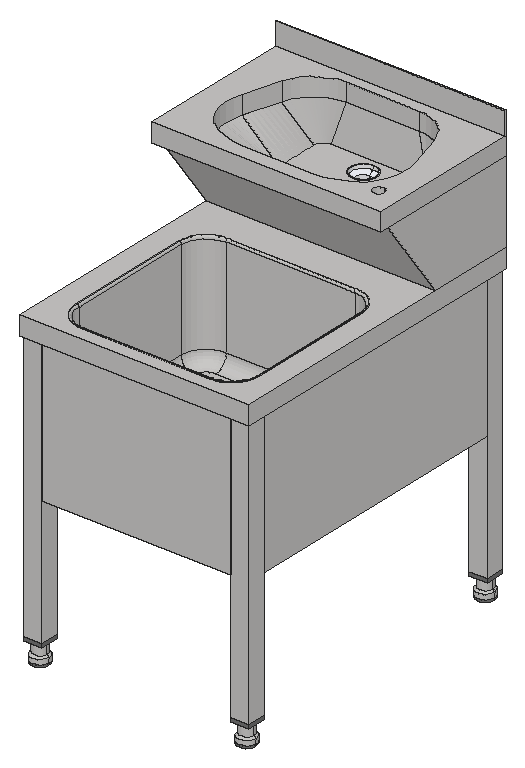
Revit family "QF_ELECTROLUXPROFESSIONAL_132951_NLPD", category Attrezzature speciali, Revit 2020
Family settings
  Quota connettore circolare = Usa diametro
  Tipo di parte = Normale
  Basato su piano di lavoro = No
  Sempre verticale = Sì
  Taglio con vuoti quando caricato = No
  Condiviso = No
  Punto di calcolo locali = No
Parameters (values of type "Standard")
  Weight = 50.00 kg
  Watts = 0 W
  Volts = 0 V
  URL Manufacturer = "https://www.electroluxprofessional.com/"
  URL = "https://www.electroluxprofessional.com/"
  Steam Supply Size = 0 mm
  Steam Supply Minimum Pressure = 0.0 Pa
  Steam Supply Maximum Pressure = 0.0 Pa
  Steam Consumption per Hour = 0
  Refrigeration Suction Line Size = 0.0 mm
  Refrigeration Liquid Line Size = 0.0 mm
  Refrigerant Compressor Remote = yes
  Prospetto di default = 0.0 mm
  Phase = 0
  Modello = "NLPD"
  Produttore = "Electrolux Professional"
  Length Actual = 500.0 mm  # constant formula
  Item Number = "132951"
  Hot Water Size = 12.7 mm
  Height Actual = 950.0 mm  # constant formula
  HP = "0 HP"
  Gas Size = 0 mm
  Gas KW = 0
  Gas Input Pressure = 0 W
  Direct Waste Size = 139.7 mm
  Descrizione = "FREE-STAND.HAND WASH SINK+1 UPPER BOWL WITH MIXER SPOUT-DRAIN HOLE AND 1 LOWER BOWL+MIXER SPOUT,DRAIN HOLE,SUPPORT GRID"
  Depth Actual = 700.0 mm  # constant formula
  Cycle = 0 Hz
  Condensate Return Size = 0 mm
  Compressed Air Volume = 0.0 L/s
  Compressed Air Size = 0 mm
  Compressed Air Pressure = 0.0 Pa
  Cold Water Size = 12.7 mm
  Accessory = yes
Reference planes
  plane 1 "Center (Front/Back)": y = 0
  plane 2: z = 0
  plane 3 "Center (Left/Right)": x = 150
  plane 4 "LEFT": x = -100
  plane 5 "RIGHT": x = 400
  plane 6 "BACK": y = 350
  plane 7 "FRONT": y = -350
  plane 8 "PlaneVascaSup": z = 860
  plane 9 "TOP": z = 900
  plane 10: x = -76
  plane 11: x = 376
  plane 12: y = 326
  plane 13: y = -326
  plane 14 "RIPIANO": z = 200
  plane 15 "PlaneVascaInf": z = 680
  plane 16: z = 640
  plane 17: z = 950
  plane 18: y = 275
  plane 19: z = 774
  plane 20: y = 65
  plane 21: x = 352
  plane 22: y = 10
Forms (mm)
  Extrusion 1, solid, material "QF_Finishes_Stainless Steel"
    sketch origin (0, 0, 680) x (0, 1, 0) y (-1, 0, 0)
      loop
        line (306, 96) -> (-306, 96) -> (-306, 81) -> (306, 81) -> (306, 96)
      loop
        line (-346, 56) -> (-346, -356) -> (-331, -356) -> (-331, 56) -> (-346, 56)
      loop
        line (306, -396) -> (306, -381) -> (-306, -381) -> (-306, -396) -> (306, -396)
    from -40 to -350
  Extrusion 2, solid, material "QF_Finishes_Stainless Steel"
    sketch origin (0, 0, 680) x (0, 1, 0) y (-1, 0, 0)
      loop
        line (350, 100) -> (-350, 100) -> (-350, -400) -> (350, -400) -> (350, 100)
      loop
        line (-320, -10) -> (-320, -290)
        arc (-320, -290) -> (-302.426, -332.426) -> (-260, -350) r 60
        line (-260, -350) -> (20, -350)
        arc (20, -350) -> (62.426, -332.426) -> (80, -290) r 60
        line (80, -290) -> (80, -10)
        arc (80, -10) -> (62.426, 32.426) -> (20, 50) r 60
        line (20, 50) -> (-260, 50)
        arc (-260, 50) -> (-302.426, 32.426) -> (-320, -10) r 60
    from 0 to -40
  Extrusion 3, solid, material "QF_Finishes_Stainless Steel"
    sketch origin (150, 0, 0) x (0, 1, 0) y (0, 0, 1)
      loop
        line (350, 680) -> (350, 860) -> (29.222, 860) -> (160, 680) -> (350, 680)
    from -250 to -245
  Blend 4, void
    base sketch origin (0, 0, 860) x (0, 1, 0) y (-1, 0, 0)
      loop
        line (326, -229.648) -> (326, -70.352)
        arc (326, -70.352) -> (307.877, -16.189) -> (260.807, 16.161) r 90
        line (260.807, 16.161) -> (180.182, 39.28)
        arc (180.182, 39.28) -> (123.845, 42.636) -> (73.909, 16.341) r 105
        arc (73.909, 16.341) -> (49.478, -26.456) -> (41, -75) r 143.215
        line (41, -75) -> (41, -225)
        arc (41, -225) -> (49.478, -273.544) -> (73.909, -316.341) r 143.215
        arc (73.909, -316.341) -> (123.845, -342.636) -> (180.182, -339.28) r 105
        line (180.182, -339.28) -> (260.807, -316.161)
        arc (260.807, -316.161) -> (307.877, -283.811) -> (326, -229.648) r 90
    top sketch origin (0, 0, 860) x (0, 1, 0) y (-1, 0, 0)
      loop
        arc (316, -45) -> (310.142, -30.858) -> (296, -25) r 20
        line (296, -25) -> (201, -25)
        arc (201, -25) -> (193.929, -27.929) -> (191, -35) r 10
        line (191, -35) -> (191, -123.121) -> (191, -176.879) -> (191, -265)
        arc (191, -265) -> (193.929, -272.071) -> (201, -275) r 10
        line (201, -275) -> (296, -275)
        arc (296, -275) -> (310.142, -269.142) -> (316, -255) r 20
        line (316, -255) -> (316, -45)
    from 0 to -86
  Extrusion 5, void
    sketch origin (0, 0, 680) x (0, 1, 0) y (-1, 0, 0)
      loop
        circle (275, -150) r 28
    from -42.17 to 94
  Revolve 6, solid, material "QF_Finishes_White"
    sketch origin (150, 146, 125) x (0, 1, 0) y (0, 0, 1)
      loop
        line (145.5, 633.617) -> (157.058, 640.84) -> (157.058, 649) -> (155.558, 649) -> (155.558, 641.671) -> (144, 634.449) -> (144, 619.5) -> (145.5, 619.5) -> (145.5, 633.617)
      axis (129, 649) -> (129, 619.5)
    angle from 0 to 360
  Extrusion 7, void
    sketch origin (0, 0, 860) x (0, 1, 0) y (-1, 0, 0)
      loop
        circle (65, -352) r 12.7
    from 0 to 40
  Extrusion 8, solid, material "QF_Finishes_Stainless Steel"
    sketch origin (0, 0, 860) x (0, 1, 0) y (-1, 0, 0)
      loop
        line (350, 100) -> (10, 100) -> (10, -400) -> (350, -400) -> (350, 100)
    from 0 to 40
  Extrusion 9, void
    sketch origin (0, 0, 860) x (0, 1, 0) y (-1, 0, 0)
      loop
        arc (180.182, 39.28) -> (123.845, 42.636) -> (73.909, 16.341) r 105
        arc (73.909, 16.341) -> (49.478, -26.456) -> (41, -75) r 143.215
        line (41, -75) -> (41, -225)
        arc (41, -225) -> (49.478, -273.544) -> (73.909, -316.341) r 143.215
        arc (73.909, -316.341) -> (123.845, -342.636) -> (180.182, -339.28) r 105
        line (180.182, -339.28) -> (260.807, -316.161)
        arc (260.807, -316.161) -> (307.877, -283.811) -> (326, -229.648) r 90
        line (326, -229.648) -> (326, -70.352)
        arc (326, -70.352) -> (307.877, -16.189) -> (260.807, 16.161) r 90
        line (260.807, 16.161) -> (180.182, 39.28)
    from 0 to 40
  Extrusion 10, solid, material "QF_Finishes_Stainless Steel"
    sketch origin (150, 0, 0) x (0, 1, 0) y (0, 0, 1)
      loop
        line (350, 950) -> (348, 950) -> (348, 900) -> (350, 900) -> (350, 950)
    from -250 to 250
  Extrusion 11, solid, material "QF_Finishes_Stainless Steel"
    sketch origin (0, 0, 860) x (0, 1, 0) y (-1, 0, 0)
      loop
        circle (65, -339.3) r 10
      loop
        circle (65, -364.7) r 10
      loop
        circle (65, -364.7) r 8
      loop
        circle (65, -339.3) r 8
    from -5.915 to -9.268
  Extrusion 12, solid, material "QF_Finishes_Stainless Steel"
    sketch origin (150, 0, 0) x (0, 1, 0) y (0, 0, 1)
      loop
        line (166.18, 680) -> (35.403, 860) -> (29.222, 860) -> (160, 680) -> (166.18, 680)
    from -250 to 245
  Extrusion 13, solid, material "QF_Finishes_Stainless Steel"
    sketch origin (150, 0, 0) x (0, 1, 0) y (0, 0, 1)
      loop
        line (350, 680) -> (350, 860) -> (29.222, 860) -> (160, 680) -> (350, 680)
    from 240 to 250
  Extrusion 14, solid, material "QF_Finishes_Stainless Steel"
    sketch origin (150, 0, 0) x (0, 1, 0) y (0, 0, 1)
      loop
        line (326, 860) -> (35.403, 860) -> (183.531, 772.505) -> (326, 772.505) -> (326, 860)
    from -195 to 195
  Extrusion 15, void
    sketch origin (0, 0, 860) x (0, 1, 0) y (-1, 0, 0)
      loop
        circle (275, -150) r 28.058
    from -100.551 to -69.963
Cuts and joins
  Extrusion 5, Extrusion 7 cuts Extrusion 2
  Extrusion 7, Extrusion 9 cuts Extrusion 8
  Blend 4, Extrusion 5, Extrusion 7 cuts Extrusion 3
  joined: Extrusion 3, Extrusion 12, Extrusion 13
  Blend 4, Extrusion 15 cuts Extrusion 14
Lines and regions (mm)
  symbolic lines, style "SpecialityEquipmentHiddenLines", detail levels coarse
    curve 1: line (-100, 350, 200) -> (400, 350, 200)
    curve 2: line (-100, -350, 200) -> (-100, 350, 200)
    curve 3: line (400, -350, 200) -> (-100, -350, 200)
    curve 4: line (400, 350, 200) -> (400, -350, 200)
Dimensions and locks
  plane 4 "LEFT" to plane 5 "RIGHT" = 500.0 mm
  equal spacing: plane 4 "LEFT", plane 3 "Center (Left/Right)", plane 5 "RIGHT"
  locked: plane 8 "PlaneVascaSup" to level at 860
  plane 4 "LEFT" to plane 10 = 24.0 mm
  plane 11 to plane 5 "RIGHT" = 24.0 mm
  plane 9 "TOP" to level = 900.0 mm
  plane 6 "BACK" to plane 12 = 24.0 mm
  plane 13 to plane 7 "FRONT" = 24.0 mm
  plane 6 "BACK" to plane 7 "FRONT" = 700.0 mm
  plane 12 to plane 13 = 652.0 mm
  equal spacing: plane 6 "BACK", plane 1 "Center (Front/Back)", plane 7 "FRONT"
  plane 14 "RIPIANO" to level = 200.0 mm
  plane 2 to plane 14 "RIPIANO" to plane 8 "PlaneVascaSup" = 200.0 mm, 660.0 mm
  locked: plane 15 "PlaneVascaInf" to level at 680
  locked: plane 15 "PlaneVascaInf" to plane 16 at 40
  plane 6 "BACK" to plane 18 = 75.0 mm
  plane 9 "TOP" to plane 19 = 126.0 mm
  plane 6 "BACK" to plane 20 = 285.0 mm
  plane 21 to plane 5 "RIGHT" = 48.0 mm
  plane 6 "BACK" to plane 22 = 340.0 mm
  locked: plane 17 to level at 950
  plane 17 to plane 9 "TOP" = 50.0 mm
  aligned and locked: level to plane 2
  aligned and locked: plane 10 to nested 1
  aligned and locked: nested 1 to plane 13
  aligned and locked: plane 11 to nested 2
  aligned and locked: nested 2 to plane 13
  aligned and locked: plane 11 to nested 4
  aligned and locked: nested 4 to plane 12
  aligned and locked: plane 10 to nested 3
  aligned and locked: nested 3 to plane 12
Automatic sketch dimensions
  plane 7 "FRONT" to Extrusion 1 sketch curve = 4.0 mm
  Extrusion 1 sketch curve to plane 13 = 5.0 mm
  Extrusion 1 sketch curve to plane 5 "RIGHT" = 4.0 mm
  plane 13 to Extrusion 1 sketch curve = 20.0 mm  (x2)
  plane 4 "LEFT" to Extrusion 1 sketch curve = 4.0 mm
  Extrusion 1 sketch curve to plane 10 = 5.0 mm
  Extrusion 1 sketch curve to plane 12 = 20.0 mm  (x2)
  plane 11 to Extrusion 1 sketch curve = 5.0 mm
  Extrusion 1 sketch curve to plane 21 = 4.0 mm
  plane 10 to Extrusion 1 sketch curve = 20.0 mm
  curve 3 to plane 4 "LEFT" = 0.0 mm
  curve 3 to plane 7 "FRONT" = 0.0 mm
  curve 2 to plane 6 "BACK" = 0.0 mm
  curve 1 to plane 5 "RIGHT" = 0.0 mm
  Extrusion 2 sketch curve to plane 5 "RIGHT" = 0.0 mm
  Extrusion 2 sketch curve to plane 7 "FRONT" = 0.0 mm
  Extrusion 2 sketch curve to plane 6 "BACK" = 0.0 mm
  Extrusion 2 sketch curve to plane 4 "LEFT" = 0.0 mm
  plane 13 to Extrusion 2 sketch curve = 6.0 mm
  Extrusion 2 sketch curve to Extrusion 2 sketch curve = 60.0 mm
  plane 21 to Extrusion 2 sketch curve = 2.0 mm
  plane 13 to Extrusion 2 sketch curve = 66.0 mm
  plane 22 to Extrusion 2 sketch curve = 10.0 mm  (x2)
  plane 20 to Extrusion 2 sketch curve = 15.0 mm
  plane 10 to Extrusion 2 sketch curve = 86.0 mm
  Extrusion 3 sketch curve to plane 8 "PlaneVascaSup" = 0.0 mm
  Extrusion 3 sketch curve to plane 15 "PlaneVascaInf" = 0.0 mm
  Extrusion 3 sketch curve to plane 6 "BACK" = 0.0 mm
  plane 20 to Extrusion 3 sketch curve = 95.0 mm
  plane 22 to Extrusion 3 sketch curve = 19.222 mm
  Blend 4 sketch curve to plane 12 = 0.0 mm
  plane 18 to Blend 4 sketch curve = 14.193 mm  (x2)
  plane 18 to Blend 4 sketch curve = 39.0 mm  (x2)
  Blend 4 sketch curve to Blend 4 sketch curve = 51.785 mm  (x2)
  plane 21 to Blend 4 sketch curve = 12.72 mm
  Blend 4 sketch curve to Blend 4 sketch curve = 80.625 mm  (x2)
  plane 10 to Blend 4 sketch curve = 36.72 mm
  Blend 4 sketch curve to Blend 4 sketch curve = 38.215 mm  (x2)
  Blend 4 sketch curve to plane 20 = 24.0 mm
  plane 21 to Blend 4 sketch curve = 35.839 mm
  plane 3 "Center (Left/Right)" to Blend 4 sketch curve = 90.0 mm
  plane 3 "Center (Left/Right)" to Blend 4 sketch curve = 75.0 mm
  Blend 4 sketch curve to plane 3 "Center (Left/Right)" = 75.0 mm
  Blend 4 sketch curve to plane 3 "Center (Left/Right)" = 79.648 mm
  Blend 4 sketch curve to Blend 4 sketch curve = 15.0 mm
  plane 3 "Center (Left/Right)" to Blend 4 sketch curve = 26.879 mm
  plane 18 to Blend 4 sketch curve = 84.0 mm
  Blend 4 sketch curve to Blend 4 sketch curve = 10.0 mm  (x2)
  Blend 4 sketch curve to plane 18 = 21.0 mm  (x2)
  Blend 4 sketch curve to plane 12 = 10.0 mm
  plane 21 to Blend 4 sketch curve = 97.0 mm
  Blend 4 sketch curve to plane 3 "Center (Left/Right)" = 26.879 mm
  Blend 4 sketch curve to plane 3 "Center (Left/Right)" = 105.0 mm
  Extrusion 5 sketch curve to plane 3 "Center (Left/Right)" = 0.0 mm
  plane 18 to Extrusion 5 sketch curve = 0.0 mm
  Revolve 6 sketch curve to plane 18 = 0.0 mm
  plane 19 to Revolve 6 sketch curve = 0.0 mm
  Revolve 6 sketch curve to plane 18 = 15.0 mm
  Revolve 6 sketch curve to Revolve 6 sketch curve = 1.5 mm  (x2)
  Revolve 6 sketch curve to Revolve 6 sketch curve = 10.058 mm
  Revolve 6 sketch curve to Revolve 6 sketch curve = 7.329 mm
  Revolve 6 sketch curve to Revolve 6 sketch curve = 0.831 mm  (x2)
  Revolve 6 sketch curve to Revolve 6 sketch curve = 7.222 mm
  Revolve 6 sketch curve to Revolve 6 sketch curve = 14.117 mm
  Revolve 6 sketch curve to Revolve 6 sketch curve = 22.0 mm
  plane 8 "PlaneVascaSup" to Revolve 6 sketch curve = 2.5 mm
  Extrusion 7 sketch curve to plane 20 = 0.0 mm
  Extrusion 7 sketch curve to plane 21 = 0.0 mm
  Extrusion 8 sketch curve to plane 4 "LEFT" = 0.0 mm
  Extrusion 8 sketch curve to plane 22 = 0.0 mm
  Extrusion 8 sketch curve to plane 6 "BACK" = 0.0 mm
  Extrusion 8 sketch curve to plane 5 "RIGHT" = 0.0 mm
  Extrusion 9 sketch curve to plane 12 = 0.0 mm
  plane 18 to Extrusion 9 sketch curve = 14.193 mm  (x2)
  plane 18 to Extrusion 9 sketch curve = 39.0 mm  (x2)
  Extrusion 9 sketch curve to Extrusion 9 sketch curve = 51.785 mm  (x2)
  plane 10 to Extrusion 9 sketch curve = 36.72 mm
  Extrusion 9 sketch curve to Extrusion 9 sketch curve = 80.625 mm  (x2)
  plane 21 to Extrusion 9 sketch curve = 12.72 mm
  Extrusion 9 sketch curve to Extrusion 9 sketch curve = 38.215 mm  (x2)
  Extrusion 9 sketch curve to plane 20 = 24.0 mm
  plane 21 to Extrusion 9 sketch curve = 35.839 mm
  plane 3 "Center (Left/Right)" to Extrusion 9 sketch curve = 90.0 mm
  Extrusion 9 sketch curve to Extrusion 9 sketch curve = 15.0 mm  (x2)
  Extrusion 9 sketch curve to plane 3 "Center (Left/Right)" = 75.0 mm
  Extrusion 9 sketch curve to Extrusion 9 sketch curve = 4.648 mm
  Extrusion 10 sketch curve to plane 17 = 0.0 mm
  Extrusion 10 sketch curve to plane 9 "TOP" = 0.0 mm
  Extrusion 10 sketch curve to plane 6 "BACK" = 0.0 mm
  Extrusion 10 sketch curve to plane 6 "BACK" = 2.0 mm
  Extrusion 11 sketch curve to plane 20 = 0.0 mm  (x2)
  Extrusion 11 sketch curve to plane 11 = 11.3 mm
  plane 21 to Extrusion 11 sketch curve = 12.7 mm
  plane 20 to Extrusion 12 sketch curve = 95.0 mm
  plane 22 to Extrusion 12 sketch curve = 19.222 mm
  Extrusion 13 sketch curve to plane 8 "PlaneVascaSup" = 0.0 mm
  Extrusion 13 sketch curve to plane 15 "PlaneVascaInf" = 0.0 mm
  Extrusion 13 sketch curve to plane 6 "BACK" = 0.0 mm
  plane 20 to Extrusion 13 sketch curve = 95.0 mm
  plane 22 to Extrusion 13 sketch curve = 19.222 mm
  plane 8 "PlaneVascaSup" to Extrusion 12 sketch curve = 0.0 mm
  plane 15 "PlaneVascaInf" to Extrusion 12 sketch curve = 0.0 mm
  Extrusion 12 sketch curve to Extrusion 12 sketch curve = 6.18 mm  (x2)
  Extrusion 14 sketch curve to plane 8 "PlaneVascaSup" = 0.0 mm
  plane 19 to Extrusion 14 sketch curve = 1.495 mm
  Extrusion 14 sketch curve to plane 12 = 0.0 mm
  plane 18 to Extrusion 14 sketch curve = 91.469 mm
  plane 22 to Extrusion 14 sketch curve = 25.403 mm
  Extrusion 15 sketch curve to plane 3 "Center (Left/Right)" = 0.0 mm
  plane 18 to Extrusion 15 sketch curve = 0.0 mm
  Extrusion 11 sketch curve to Extrusion 11 sketch curve = 0.0 mm  (x4)
  radius of Extrusion 5 sketch curve = 28.0 mm
  radius of Extrusion 7 sketch curve = 12.7 mm
  radius of Extrusion 11 sketch curve = 10.0 mm  (x2)
  radius of Extrusion 15 sketch curve = 28.058 mm
  radius of Extrusion 11 sketch curve = 8.0 mm  (x2)
Nested families
  nested 1: "FEET_40x40_H640" at (-76, -326, 0), type "FEET_40x40_H640"
  nested 2: "FEET_40x40_H640" at (376, -326, 0), type "FEET_40x40_H640"
  nested 3: "FEET_40x40_H640" at (-76, 326, 0), type "FEET_40x40_H640"
  nested 4: "FEET_40x40_H640" at (376, 326, 0), type "FEET_40x40_H640"
  nested 5: "SINK_Vasca40x40_H251" at (150, -120, -220), type "SINK_Vasca40x40_H251"
Connectors
  piping at (364.7, 65, 850.732), diameter 12.7, driven by "Cold Water Size"
    settings: on Extrusion 11, index 1, connector inside diameter 609.6 mm, connector length 0.0 mm, flow factor 0, pipe flow 0.0 L/s, pressure drop 0.0 Pa, fitting loss kfactor 0, connector angle 0.00°, fixture units 0, engagement length 0.0 mm, angle of deflection 0.00°, flow configuration 1, flow direction 1, fitting loss method 0, system type 20, joint type 0, gender type 0, connector reference index -1, connector utility 0, adjustable connector no, is connector primary yes, connector description "Cold Water Inlet"
  piping at (339.3, 65, 850.732), diameter 12.7, driven by "Hot Water Size"
    settings: on Extrusion 11, index 2, connector inside diameter 609.6 mm, connector length 0.0 mm, flow factor 0, pipe flow 0.0 L/s, pressure drop 0.0 Pa, fitting loss kfactor 0, connector angle 0.00°, fixture units 0, engagement length 0.0 mm, angle of deflection 0.00°, flow configuration 1, flow direction 1, fitting loss method 0, system type 19, joint type 0, gender type 0, connector reference index -1, connector utility 0, adjustable connector no, is connector primary no, connector description "Hot Water Inlet"
  piping at (270, 0.058, 401), diameter 139.7, driven by "Direct Waste Size"
    settings: on nested 5, index 3, connector inside diameter 609.6 mm, connector length 0.0 mm, flow factor 0, pipe flow 0.0 L/s, pressure drop 0.0 Pa, fitting loss kfactor 0, connector angle 0.00°, fixture units 0, engagement length 0.0 mm, angle of deflection 0.00°, flow configuration 1, flow direction 2, fitting loss method 0, system type 16, joint type 0, gender type 0, connector reference index -1, connector utility 0, adjustable connector no, is connector primary no, connector description "Drain"
Definition of nested family "FEET_40x40_H640"
  Parameters
    Default Elevation = 0.0 mm
    FEET = 640.0 mm
  Reference planes
    plane 1 "Center (Front/Back)": y = 0
    plane 2: z = 0
    plane 3 "Center (Left/Right)": x = 0
    plane 4: z = 640
  Forms (mm)
    Extrusion 1, solid
      sketch origin (0, 0, 0) x (1, 0, 0) y (0, 1, 0)
        loop
          line (-20, -20) -> (20, -20) -> (20, 20) -> (-20, 20) -> (-20, -20)
      from 50 to 640
    Extrusion 2, solid
      sketch origin (0, 0, 0) x (1, 0, 0) y (0, 1, 0)
        loop
          circle (0, 0) r 20
      from 0 to 5
    Extrusion 3, solid
      sketch origin (0, 0, 0) x (1, 0, 0) y (0, 1, 0)
        loop
          line (-20, -20) -> (20, -20) -> (20, 20) -> (-20, 20) -> (-20, -20)
      from 50 to 42
    Revolve 4, solid
      sketch origin (0, 0, 0) x (1, 0, 0) y (0, 0, 1)
        loop
          line (0, 42) -> (-15, 42) -> (-15, 20) -> (-20, 15) -> (-20, 5) -> (0, 5) -> (0, 42)
        axis (0, 42) -> (0, 5)
      angle from 0 to 360
  Lines and regions (mm)
    symbolic lines
      curve 1: line (0, -1.503, 0) -> (0, 1.508, 0)
      curve 2: line (1.561, 0, 0) -> (-1.439, 0, 0)
  Dimensions and locks
    "FEET": plane 4 to plane 2
    aligned and locked: level to plane 2
  Automatic sketch dimensions
    plane 1 "Center (Front/Back)" to curve 2 = 0.0 mm
    curve 1 to plane 3 "Center (Left/Right)" = 0.0 mm
    curve 2 to plane 3 "Center (Left/Right)" = 1.439 mm
    plane 3 "Center (Left/Right)" to curve 2 = 1.561 mm
    plane 1 "Center (Front/Back)" to curve 1 = 1.503 mm
    curve 1 to plane 1 "Center (Front/Back)" = 1.508 mm
    Extrusion 1 sketch curve to plane 3 "Center (Left/Right)" = 20.0 mm
    plane 3 "Center (Left/Right)" to Extrusion 1 sketch curve = 20.0 mm
    plane 1 "Center (Front/Back)" to Extrusion 1 sketch curve = 20.0 mm
    Extrusion 1 sketch curve to plane 1 "Center (Front/Back)" = 20.0 mm
    plane 1 "Center (Front/Back)" to Extrusion 2 sketch curve = 0.0 mm
    Extrusion 2 sketch curve to plane 3 "Center (Left/Right)" = 0.0 mm
    Extrusion 3 sketch curve to plane 3 "Center (Left/Right)" = 20.0 mm
    plane 3 "Center (Left/Right)" to Extrusion 3 sketch curve = 20.0 mm
    plane 1 "Center (Front/Back)" to Extrusion 3 sketch curve = 20.0 mm
    Extrusion 3 sketch curve to plane 1 "Center (Front/Back)" = 20.0 mm
    Revolve 4 sketch curve to plane 3 "Center (Left/Right)" = 0.0 mm  (x2)
    Revolve 4 sketch curve to plane 3 "Center (Left/Right)" = 15.0 mm
    Revolve 4 sketch curve to Revolve 4 sketch curve = 5.0 mm  (x3)
    level to Revolve 4 sketch curve = 5.0 mm
    Revolve 4 sketch curve to Revolve 4 sketch curve = 10.0 mm
    Revolve 4 sketch curve to Revolve 4 sketch curve = 22.0 mm
    Revolve 4 sketch curve to level = 9.561 mm
    radius of Extrusion 2 sketch curve = 20.0 mm
Definition of nested family "SINK_Vasca40x40_H251"
  Parameters
    Width = 400.0 mm
    ScaricoY = 80.0 mm
    ScaricoX = 80.0 mm
    Default Elevation = 0.0 mm
    Height_Top = 900.0 mm
    FEET = 850.0 mm
    Depth = 400.0 mm
  Reference planes
    plane 1 "Center (Front/Back)": y = 0
    plane 2: z = 0
    plane 3 "Center (Left/Right)": x = 0
    plane 4 "Top": z = 900
    plane 5 "Left": x = -200
    plane 6 "Right": x = 200
    plane 7 "Back": y = 200
    plane 8 "Front": y = -200
    plane 9 "BaseVasca": z = 649
    plane 10: x = 120
    plane 11: y = 120.182
  Forms (mm)
    Extrusion 1, void
      sketch origin (0, 0, 900) x (-1, 0, 0) y (0, -1, 0)
        loop
          circle (-120, -120) r 28
      from -173.82 to -354.391
    Sweep 2, solid
      path origin (0, 0, 900) x (-1, 0, 0) y (0, -1, 0)
        loop
          line (-200, 140) -> (-200, -140)
          arc (-200, -140) -> (-182.426, -182.426) -> (-140, -200) r 60
          line (-140, -200) -> (140, -200)
          arc (140, -200) -> (182.426, -182.426) -> (200, -140) r 60
          line (200, -140) -> (200, 140)
          arc (200, 140) -> (182.426, 182.426) -> (140, 200) r 60
          line (140, 200) -> (-140, 200)
          arc (-140, 200) -> (-182.426, 182.426) -> (-200, 140) r 60
      profile origin (200, 0, 900) x (-1, 0, 0) y (0, 0, 1)
        loop
          arc (5, -5) -> (3.536, -1.464) -> (0, 0) r 5
          line (0, 0) -> (0, -1.5)
          arc (0, -1.5) -> (2.475, -2.525) -> (3.5, -5) r 3.5
          line (3.5, -5) -> (3.5, -221)
          arc (3.5, -221) -> (12.726, -243.274) -> (35, -252.5) r 31.5
          line (35, -252.5) -> (35, -251)
          arc (35, -251) -> (13.787, -242.213) -> (5, -221) r 30
          line (5, -221) -> (5, -5)
    Revolve 3, solid
      sketch origin (120, -8.942, 1.5) x (0, 1, 0) y (0, 0, 1)
        loop
          line (145.5, 633.617) -> (157.058, 640.84) -> (157.058, 649) -> (155.558, 649) -> (155.558, 641.671) -> (144, 634.449) -> (144, 619.5) -> (145.5, 619.5) -> (145.5, 633.617)
        axis (129, 649) -> (129, 619.5)
      angle from 0 to 360
    Extrusion 4, solid
      sketch origin (0, 0, 649) x (0, -1, 0) y (1, 0, 0)
        loop
          arc (140, -165) -> (157.678, -157.678) -> (165, -140) r 25
          line (165, -140) -> (165, 140)
          arc (165, 140) -> (157.678, 157.678) -> (140, 165) r 25
          line (140, 165) -> (-140, 165)
          arc (-140, 165) -> (-157.678, 157.678) -> (-165, 140) r 25
          line (-165, 140) -> (-165, -140)
          arc (-165, -140) -> (-157.678, -157.678) -> (-140, -165) r 25
          line (-140, -165) -> (140, -165)
      from 0 to 1.5
  Cuts and joins
    Extrusion 1 cuts Extrusion 4
  Lines and regions (mm)
    symbolic lines
      curve 1: line (-110.913, 165, 0) -> (111, 165, 0)
      curve 2: line (165, 111, 0) -> (165, -111.409, 0)
      curve 3: line (111.409, -165, 0) -> (-111.077, -165, 0)
      curve 4: line (-165, -111.077, 0) -> (-165, 110.992, 0)
      curve 5: circle (120, 120.058, 0) r 28 normal (0, 0, 1)
      curve 6: circle (120, 120.058, 0) r 16.5 normal (0, 0, -1)
      curve 7: arc (-140, 200, 0) -> (-182.426, 182.426, 0) -> (-200, 140, 0) r 60
      curve 8: arc (200, 140, 0) -> (182.426, 182.426, 0) -> (140, 200, 0) r 60
      curve 9: arc (140, -200, 0) -> (182.426, -182.426, 0) -> (200, -140, 0) r 60
      curve 10: arc (-200, -140, 0) -> (-182.426, -182.426, 0) -> (-140, -200, 0) r 60
      curve 11: line (-200, -140, 0) -> (-200, 140, 0)
      curve 12: line (-140, 200, 0) -> (140, 200, 0)
      curve 13: line (200, 140, 0) -> (200, -140, 0)
  Dimensions and locks
    equal spacing: plane 5 "Left", plane 3 "Center (Left/Right)", plane 6 "Right"
    "Width": plane 5 "Left" to plane 6 "Right"
    equal spacing: plane 7 "Back", plane 1 "Center (Front/Back)", plane 8 "Front"
    "Depth": plane 7 "Back" to plane 8 "Front"
    "Height_Top": plane 4 "Top" to level
    plane 9 "BaseVasca" to level = 649.0 mm
    plane 4 "Top" to plane 9 "BaseVasca" = 251.0 mm
    aligned and locked: level to plane 2
  Automatic sketch dimensions
    Sweep 2 sketch curve to Sweep 2 sketch curve = 0.0 mm  (x4)
    Sweep 2 sketch curve to profile plane = 0.0 mm
    Sweep 2 sketch curve to profile plane = 3.5 mm
    Sweep 2 sketch curve to Sweep 2 sketch curve = 1.5 mm
    Sweep 2 sketch curve to Sweep 2 sketch curve = 30.0 mm
    Sweep 2 sketch curve to profile plane = 252.5 mm
    Sweep 2 sketch curve to profile plane = 5.0 mm
    Extrusion 1 sketch curve to plane 6 "Right" = 80.0 mm
    Extrusion 1 sketch curve to plane 7 "Back" = 80.0 mm
    Revolve 3 sketch curve to plane 9 "BaseVasca" = 1.5 mm
    Revolve 3 sketch curve to plane 7 "Back" = 64.942 mm
    Revolve 3 sketch curve to Revolve 3 sketch curve = 1.5 mm  (x2)
    Revolve 3 sketch curve to Revolve 3 sketch curve = 10.058 mm
    plane 9 "BaseVasca" to Revolve 3 sketch curve = 5.829 mm
    Revolve 3 sketch curve to Revolve 3 sketch curve = 0.831 mm  (x2)
    Revolve 3 sketch curve to Revolve 3 sketch curve = 7.222 mm
    Revolve 3 sketch curve to Revolve 3 sketch curve = 14.117 mm
    Revolve 3 sketch curve to plane 7 "Back" = 79.942 mm
    Revolve 3 sketch curve to Revolve 3 sketch curve = 22.0 mm
    Revolve 3 sketch curve to plane 9 "BaseVasca" = 90.0 mm
    Sweep 2 sketch curve to plane 6 "Right" = 0.0 mm
    Sweep 2 sketch curve to plane 8 "Front" = 0.0 mm
    Sweep 2 sketch curve to plane 7 "Back" = 0.0 mm
    Sweep 2 sketch curve to plane 5 "Left" = 0.0 mm
    Sweep 2 sketch curve to plane 10 = 20.0 mm  (x2)
    plane 5 "Left" to Sweep 2 sketch curve = 60.0 mm
    plane 11 to Sweep 2 sketch curve = 19.818 mm
    Extrusion 4 sketch curve to plane 7 "Back" = 35.0 mm
    plane 11 to Extrusion 4 sketch curve = 19.818 mm  (x2)
    plane 8 "Front" to Extrusion 4 sketch curve = 60.0 mm
    Extrusion 4 sketch curve to plane 6 "Right" = 35.0 mm
    Extrusion 4 sketch curve to plane 10 = 20.0 mm
    plane 5 "Left" to Extrusion 4 sketch curve = 60.0 mm  (x2)
    curve 5 to curve 6 = 0.0 mm  (x2)
    curve 10 to plane 5 "Left" = 0.0 mm
    curve 10 to plane 8 "Front" = 0.0 mm
    curve 12 to plane 7 "Back" = 0.0 mm
    curve 9 to plane 8 "Front" = 0.0 mm
    curve 9 to plane 6 "Right" = 0.0 mm
    plane 5 "Left" to curve 10 = 60.0 mm
    plane 5 "Left" to curve 12 = 60.0 mm
    curve 5 to plane 10 = 0.0 mm
    plane 11 to curve 8 = 19.818 mm
    curve 9 to plane 10 = 20.0 mm
    curve 6 to plane 11 = 0.124 mm
    plane 5 "Left" to curve 4 = 35.0 mm
    curve 10 to curve 3 = 28.923 mm
    curve 7 to curve 1 = 29.087 mm
    plane 10 to curve 1 = 9.0 mm
    plane 10 to curve 3 = 8.591 mm
    curve 2 to plane 6 "Right" = 35.0 mm
    plane 8 "Front" to curve 3 = 35.0 mm
    curve 9 to curve 2 = 28.591 mm
    curve 10 to curve 4 = 28.923 mm
    curve 4 to plane 11 = 9.19 mm
    curve 2 to plane 11 = 9.182 mm
    curve 1 to plane 7 "Back" = 35.0 mm
    radius of Extrusion 1 sketch curve = 28.0 mm
    radius of curve 5 = 28.0 mm
    radius of curve 6 = 16.5 mm
